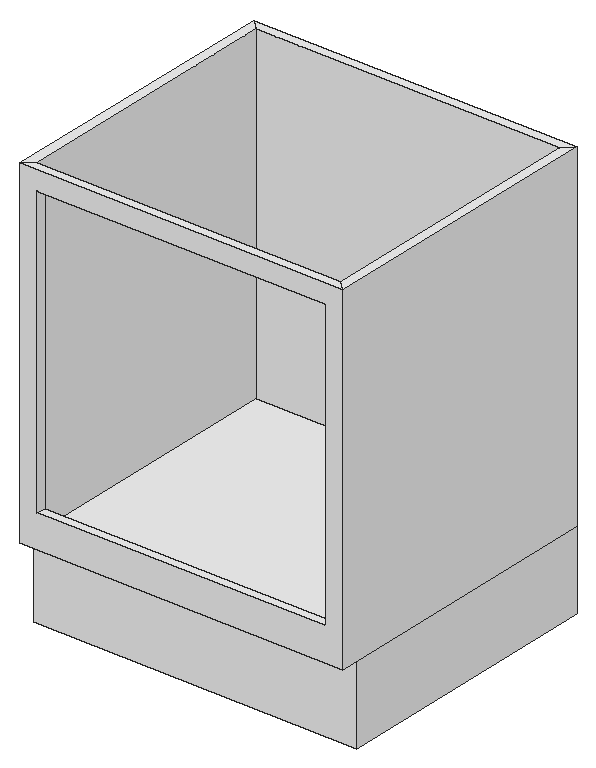
Revit family "Base Cabinet-Built In (M)", category 케이스워크, Revit 2026
Family settings
  작업 기준면 기반 = 아니오
  항상 수직 = 예
  로드될 때 보이드를 사용하여 절단 = 아니오
  공유 = 아니오
  룸 계산 점 = 아니오
Parameters (values of type "664mm")
  기본 높이 = 0 mm
  Cabinet Material = none
  깊이 = 600 mm
  높이 = 860 mm
  Opening Height = 594 mm
  Plinth Depth = 35 mm
  Plinth Height = 160 mm
  Stile Width = 35 mm
  유형 설명 = "594mm x 594mm Built-in"
  폭 = 664 mm
Reference planes
  plane 1 "Back": y = 0
  plane 2: z = 0
  plane 3 "Center": x = 18.738
  plane 4 "Left": x = -313.262
  plane 5 "Right": x = 350.738
  plane 6 "Front": y = -600
  plane 7 "Top": z = 860
  plane 8: y = -565
  plane 9: z = 160
  plane 10: z = 821.9
  plane 11: z = 179.05
  plane 12: x = -278.262
  plane 13: x = 315.738
  plane 14: z = 227.9
Forms (mm)
  Extrusion 1, solid, material <- "Cabinet Material"
    sketch origin (0, 0, 0) x (1, 0, 0) y (0, 1, 0)
      loop
        line (-313.262, 0) -> (-313.262, -565) -> (350.738, -565) -> (350.738, 0) -> (-313.262, 0)
    from 0 to 160
  Sweep 2, solid, material <- "Cabinet Material"
    path origin (0, 0, 0) x (1, 0, 0) y (0, 1, 0)
      loop
        line (350.738, 0) -> (-313.262, 0) -> (-313.262, -600) -> (350.738, -600) -> (350.738, 0)
    profile origin (0, -300, 0) x (1, 0, 0) y (0, 0, 1)
      loop
        line (350.738, 160) -> (350.738, 860) -> (331.688, 860) -> (331.688, 160) -> (350.738, 160)
  Extrusion 3, solid, material <- "Cabinet Material"
    sketch origin (0, 0, 0) x (1, 0, 0) y (0, 1, 0)
      loop
        line (-294.212, -19.05) -> (-294.212, -580.95) -> (331.688, -580.95) -> (331.688, -19.05) -> (-294.212, -19.05)
    from 179.05 to 160
  Extrusion 4, void
    sketch origin (0, -600, 0) x (1, 0, 0) y (0, 0, 1)
      loop
        line (-278.262, 227.9) -> (315.738, 227.9) -> (315.738, 821.9) -> (-278.262, 821.9) -> (-278.262, 227.9)
    from -19.05 to 0
Cuts and joins
  Extrusion 4 cuts Extrusion 1
  Extrusion 4 cuts Sweep 2
  Extrusion 4 cuts Extrusion 3
Lines and regions (mm)
  symbolic lines, style "Plan Rep - Below"
    curve 1: line (350.738, -600, 0) -> (-313.262, -600, 0)
    curve 2: line (350.738, 0, 0) -> (350.738, -600, 0)
    curve 3: line (-313.262, 0, 0) -> (350.738, 0, 0)
    curve 4: line (-313.262, -600, 0) -> (-313.262, 0, 0)
  symbolic lines, style "Built-in Opening"
    curve 5: line (-278.262, -600, 0) -> (-278.262, -19.05, 0)
    curve 6: line (-278.262, -19.05, 0) -> (315.738, -19.05, 0)
    curve 7: line (315.738, -19.05, 0) -> (315.738, -600, 0)
Dimensions and locks
  "깊이": plane 6 "Front" to plane 1 "Back"
  "폭": plane 4 "Left" to plane 5 "Right"
  equal spacing: plane 4 "Left", plane 3 "Center", plane 5 "Right"
  "높이": level to plane 7 "Top"
  "Plinth Height": plane 2 to plane 9
  "Plinth Depth": plane 6 "Front" to plane 8
  "Stile Width": plane 4 "Left" to plane 12
  "Stile Width": plane 13 to plane 5 "Right"
  locked: plane 7 "Top" to plane 10 at 38.1
  locked: plane 11 to plane 9 at 19.05
  "Opening Height": plane 10 to plane 14
  aligned and locked: plane 1 "Back" to Extrusion 1 sketch curve
  aligned and locked: Extrusion 1 sketch curve to plane 5 "Right"
  aligned and locked: Extrusion 1 sketch curve to plane 8
  aligned and locked: plane 4 "Left" to Extrusion 1 sketch curve
  aligned and locked: Extrusion 1 to level
  aligned and locked: Sweep 2 sketch curve to plane 6 "Front"
  aligned and locked: plane 1 "Back" to Sweep 2 sketch curve
  aligned and locked: Sweep 2 sketch curve to plane 5 "Right"  (x2)
  aligned and locked: plane 4 "Left" to Sweep 2 sketch curve
  aligned and locked: plane 7 "Top" to Sweep 2 sketch curve
  aligned and locked: plane 9 to Sweep 2 sketch curve
  aligned and locked: Sweep 2 to Extrusion 3 sketch curve  (x2)
  aligned and locked: Extrusion 3 sketch curve to Sweep 2  (x2)
  aligned and locked: Extrusion 3 to plane 11
  aligned and locked: Extrusion 3 to plane 9
  aligned and locked: plane 9 to Extrusion 1
  aligned and locked: cut or joined group of Sweep 2, Extrusion 4 to Extrusion 4
  aligned and locked: plane 6 "Front" to Extrusion 4
  aligned and locked: Extrusion 4 sketch curve to plane 10
  aligned and locked: plane 14 to Extrusion 4 sketch curve
  aligned and locked: plane 12 to Extrusion 4 sketch curve
  aligned and locked: Extrusion 4 sketch curve to plane 13
Automatic sketch dimensions
  profile plane to Sweep 2 sketch curve = 19.05 mm
  curve 4 to plane 1 "Back" = 0 mm
  curve 4 to plane 4 "Left" = 0 mm
  curve 5 to plane 6 "Front" = 0 mm
  curve 5 to plane 12 = 0 mm
  curve 6 to plane 13 = 0 mm
  curve 3 to plane 5 "Right" = 0 mm
  plane 1 "Back" to curve 6 = 19.05 mm
